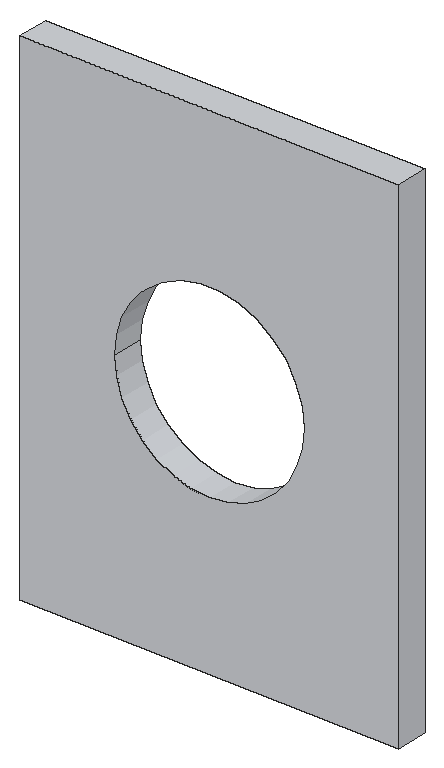
Revit family "Panel family", category Curtain Panels, Revit 2019
Family settings
  OmniClass Number = 23.25.20.14.11.11.17
  OmniClass Title = Infill Panels
  Always vertical = Yes
  Cut with Voids When Loaded = No
  Shared = No
Parameters
  Width report [instance] = 3000 mm
  Open factor override [instance] = if(Open factor > 0.9, 0.9, if(Open factor < 0.1, 0.1, Open factor))  # 0.5
  Open factor [instance] = 0.5
  Aperture open [instance] = (Width report) * Open factor override  # 1500 mm
  Analytic Construction = "<None>"
Reference planes
  plane 1 "Center (Front/Back)": y = 0
  plane 2: z = 0
  plane 3 "Center (Left/Right)": x = 0
  plane 4 "Left": x = -1500
  plane 5 "Right": x = 1500
  plane 6 "Top": z = 4000
  plane 7: z = 2000
Forms (mm)
  Extrusion 1, solid
    sketch origin (0, 0, 0) x (1, 0, 0) y (0, 0, 1)
      loop
        line (1500, 4000) -> (-1500, 4000) -> (-1500, 0) -> (1500, 0) -> (1500, 4000)
      loop
        circle (0, 2000) r 750
    from 0 to 250
Text (mm)
  text "Exterior" at (-2351.972, 1416.179, 0), in view "Ref. Level"
  text "Exterior" at (0, 2290.741, 4406.713), in view "Left"
  text "Exterior" at (0, 1328.187, 4120.349), in view "Right"
Dimensions and locks
  equal spacing: plane 4 "Left", plane 3 "Center (Left/Right)", plane 5 "Right"
  "Width report": plane 4 "Left" to plane 5 "Right"
  equal spacing: plane 2, plane 7, plane 6 "Top"
  "Aperture open": diameter of Extrusion 1 sketch curve
  aligned and locked: level to plane 2
  aligned and locked: plane 5 "Right" to Extrusion 1 sketch curve
  aligned and locked: plane 6 "Top" to Extrusion 1 sketch curve
  aligned and locked: plane 4 "Left" to Extrusion 1 sketch curve
  aligned and locked: plane 2 to Extrusion 1 sketch curve
  aligned and locked: plane 7 to Extrusion 1 sketch curve
  aligned and locked: plane 3 "Center (Left/Right)" to Extrusion 1 sketch curve
